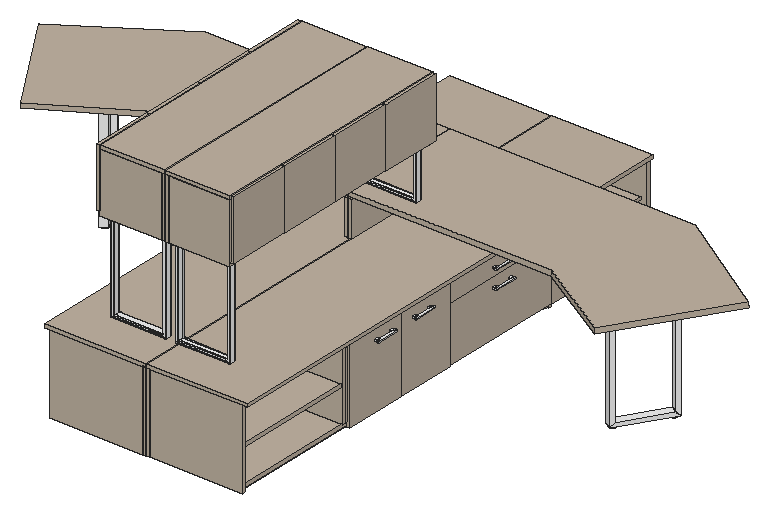
Revit family "VL003family", category Furniture, Revit 2015
Parameters
  Series = "Vision Laminate"
  Manufacturer = "JSI"
  Description = "VL003"
Reference planes (in)
  plane 1 "Center Front/Back": y = 0
  plane 2: z = 0
  plane 3 "Center Left/Right": x = 0
Dimensions and locks (in)
  aligned and locked: level to plane 2
Nested families (in)
  nested 1: "JSI-Vision-Modular_Boomerang_Desk_Top-Left" at (0, 59.8124352, -1.1803401), type "VL3084MBMTL, Laminate Mod Bmrng Top 84"W x 30"D - Left"
    with Wing 1' - 4", Front 1' - 0", Depth 2' - 6"
  nested 2: "JSI-Vision-Modular_Boomerang_Desk_Top-Right" at (0, 59.8124352, -1.1803401), type "VL3084MBMTR, Laminate Mod Bmrng Top 84"W x 30"D - Right"
    with Wing 1' - 4", Front 1' - 0", Depth 2' - 6"
  nested 3: "JSI-Vision_Bench_Height_T_Sup" at (-10.75, 23.3733007, 20.0349438) x (0, -1, 0) z (0, 0, 1), type "VLB1030TSP, Laminate 30  Bench Height T Supports"
    with Width 2' - 5 5/8"
  nested 4: "JSI-Vision_Bench_Height_T_Sup" at (10.75, 65.8765696, 20.0349438) x (0, 1, 0) z (0, 0, 1), type "VLB1030TSP, Laminate 30  Bench Height T Supports"
    with Width 2' - 5 5/8"
  nested 5: "JSI-Vision-U_Base_for_Peninsula_Tops" at (-63.4583164, 38.14211, -0.1516883) x (0.8482, 0.5297, 0) z (0, 0, 1), type "18US, Stardust Silver U Base for Peninsula Tops, use with 30” deep tops"
  nested 6: "JSI-Vision-U_Base_for_Peninsula_Tops" at (63.3375833, 38.0750566, -0.2004938) x (0.848, -0.5299, 0) z (0, 0, 1), type "18US, Stardust Silver U Base for Peninsula Tops, use with 30” deep tops"
  nested 7: "JSI-Vision-Sld_Door_Bench_Ped" at (0, 60, 0) x (0, 1, 0) z (0, 0, 1), type "VLB2430SD, Laminate Sld Door Bench H Ped"
  nested 8: "JSI-Vision-Sld_Door_Bench_Ped" at (0, 89.8124352, 0) x (0, -1, 0) z (0, 0, 1), type "VLB2430SD, Laminate Sld Door Bench H Ped"
  nested 9: "JSI-Vision-90_Bench_Configuration" at (0, 60, 0) x (0, -1, 0) z (0, 0, 1), type "VLB-30BF30HD30OS, Laminate 90"W Mod Bnch BF/HD/OS"
  nested 10: "JSI-Vision-90_Bench_Configuration" at (0, -30, 0) x (0, 1, 0) z (0, 0, 1), type "VLB-30OS30HD30BF, Laminate 90"W Mod Bnch OS/HD/BF"
  nested 11: "JSI-Vision-OH_Cab-Split_H_Post" at (-1.3957732, 37.3029669, -10.03952) x (0, -1, 0) z (0, 0, 1), type "VL1660PSHD-2737, Laminate Split Height Post Support Overhead Cab. 16" x 60", 4 Doors"
    with Width 5' - 0", Verticall Partition Distance 2' - 6", Unit Centre 2' - 6", Door Width 1' - 2 13/16", Door Array Spacing 1' - 2 15/16"
  nested 12: "JSI-Vision-OH_Cab-Split_H_Post" at (-1.3957732, 37.3029669, -10.03952) x (0, -1, 0) z (0, 0, 1), type "VL1660PSHD-2737, Laminate Split Height Post Support Overhead Cab. 16" x 60", 4 Doors"
    with Width 5' - 0", Verticall Partition Distance 2' - 6", Unit Centre 2' - 6", Door Width 1' - 2 13/16", Door Array Spacing 1' - 2 15/16"
Definition of nested family "JSI-Vision-Modular_Boomerang_Desk_Top-Left"
  Parameters (values of type "Boomerang Top Left - Type Catalog Family")
    Worksurface = none
    Wing = if(Depth > 2' 0", Width - 5' 8", Width - 5' 11")  # 1' - 1"
    Width = 7' - 0"
    URL = "www.jsifurniture.com"
    Type Comments = ""
    Series = "VISION CASEGOODS"  # constant formula
    Model = "VL2484MBMTL"
    Material = ""
    Manufacturer = "JSI"  # constant formula
    Keynote = "12500"
    JSI Enviromental Website = "http://www.jsifurniture.com/jsi_sustainability_intro.php"
    Height = 2' - 6"
    Front = if(Depth > 2' 0", Wing - 0' 4", Wing)  # 1' - 1"
    Description = "Laminate Modular Boomerang Top 84\"W x 24\"D - Left"
    Depth = 2' - 0"
    Assembly Code = "E2020200"
  Reference planes (in)
    plane 1 "Center Front/Back": y = 0
    plane 2: z = 0
    plane 3 "Center Left/Right": x = 0
    plane 4: z = 0
    plane 5: x = 84
    plane 6: y = -24
    plane 7: z = 31.1875
    plane 8: z = 30
    plane 9: y = -37
    plane 10: y = -16.608
    plane 11: x = 71
    plane 12: x = 51
    plane 13: x = 58
  Forms (in)
    Extrusion 1, solid, material <- "Worksurface"
      sketch origin (0, 0, 0) x (1, 0, 0) y (0, 1, 0)
        loop
          line (0, 0) -> (0, -24) -> (51, -24) -> (71, -37) -> (84, -16.608) -> (58, 0) -> (0, 0)
      from 30 to 31.1875
  Lines and regions (in)
    symbolic lines
      curve 1: line (0, 0, 0) -> (0, -24, 0)
      curve 2: line (0, -24, 0) -> (51, -24, 0)
      curve 3: line (51, -24, 0) -> (71, -37, 0)
      curve 4: line (71, -37, 0) -> (84, -16.608, 0)
      curve 5: line (84, -16.608, 0) -> (58, 0, 0)
      curve 6: line (58, 0, 0) -> (0, 0, 0)
  Dimensions and locks (in)
    "Depth": plane 6 to plane 1 "Center Front/Back"
    "Width": plane 5 to plane 3 "Center Left/Right"
    locked: plane 7 to plane 8 at 1.1875
    "Height": plane 8 to level
    "Wing": plane 11 to plane 5
    "Front": plane 6 to plane 9
    locked: plane 12 to plane 11 at 20
    aligned and locked: level to plane 2
    aligned and locked: Extrusion 1 sketch curve to plane 6
    aligned and locked: Extrusion 1 sketch curve to plane 3 "Center Left/Right"
    aligned and locked: Extrusion 1 sketch curve to plane 1 "Center Front/Back"
    aligned and locked: plane 13 to Extrusion 1 sketch curve
    aligned and locked: plane 5 to Extrusion 1 sketch curve
    aligned and locked: plane 10 to Extrusion 1 sketch curve
    aligned and locked: plane 11 to Extrusion 1 sketch curve
    aligned and locked: plane 9 to Extrusion 1 sketch curve
    aligned and locked: Extrusion 1 to plane 7
    aligned and locked: Extrusion 1 to plane 8
  Automatic sketch dimensions
    Extrusion 1 sketch curve to plane 12 = 0' - 0"
    Extrusion 1 sketch curve to plane 13 = 0' - 0"
    plane 1 "Center Front/Back" to curve 1 = 0' - 0"
    curve 1 to plane 3 "Center Left/Right" = 0' - 0"
    curve 2 to plane 6 = 0' - 0"
    curve 2 to plane 12 = 0' - 0"
    curve 6 to plane 13 = 0' - 0"
    curve 4 to plane 9 = 0' - 0"
    curve 4 to plane 11 = 0' - 0"
    curve 5 to plane 5 = 0' - 0"
    plane 10 to curve 4 = 0' - 0"
Definition of nested family "JSI-Vision-Modular_Boomerang_Desk_Top-Right"
  Parameters (values of type "Boomerang Top Right - Type Catalog Family")
    Worksurface = none
    Wing = if(Depth > 2' 0", Width - 5' 8", Width - 5' 11")  # 1' - 1"
    Width = 7' - 0"
    URL = "www.jsifurniture.com"
    Type Comments = ""
    Series = "VISION CASEGOODS"  # constant formula
    Model = "VL2484MBMTR"
    Material = ""
    Manufacturer = "JSI"  # constant formula
    Keynote = "12500"
    JSI Enviromental Website = "http://www.jsifurniture.com/jsi_sustainability_intro.php"
    Height = 2' - 6"
    Front = if(Depth > 2' 0", Wing - 0' 4", Wing)  # 1' - 1"
    Description = "Laminate Modular Boomerang Top 84\"W x 24\"D - Right"
    Depth = 2' - 0"
    Assembly Code = "E2020200"
  Reference planes (in)
    plane 1 "Center Front/Back": y = 0
    plane 2: z = 0
    plane 3 "Center Left/Right": x = 0
    plane 4: z = 0
    plane 5: y = -24
    plane 6: z = 31.1875
    plane 7: z = 30
    plane 8: y = -37
    plane 9: y = -16.608
    plane 10: x = -84
    plane 11: x = -71
    plane 12: x = -51
    plane 13: x = -58
  Forms (in)
    Extrusion 1, solid, material <- "Worksurface"
      sketch origin (0, 0, 0) x (-1, 0, 0) y (0, -1, 0)
        loop
          line (0, 0) -> (58, 0) -> (84, 16.608) -> (71, 37) -> (51, 24) -> (0, 24) -> (0, 0)
      from 30 to 31.1875
  Lines and regions (in)
    symbolic lines
      curve 1: line (0, 0, 0) -> (0, -24, 0)
      curve 2: line (0, -24, 0) -> (-51, -24, 0)
      curve 3: line (-51, -24, 0) -> (-71, -37, 0)
      curve 4: line (-71, -37, 0) -> (-84, -16.608, 0)
      curve 5: line (-84, -16.608, 0) -> (-58, 0, 0)
      curve 6: line (-58, 0, 0) -> (0, 0, 0)
  Dimensions and locks (in)
    "Depth": plane 5 to plane 1 "Center Front/Back"
    locked: plane 6 to plane 7 at 1.1875
    "Height": plane 7 to level
    "Front": plane 5 to plane 8
    "Wing": plane 11 to plane 10
    locked: plane 12 to plane 11 at 20
    "Width": plane 10 to plane 3 "Center Left/Right"
    aligned and locked: level to plane 2
    aligned and locked: plane 13 to Extrusion 1 sketch curve
    aligned and locked: plane 10 to Extrusion 1 sketch curve
    aligned and locked: plane 11 to Extrusion 1 sketch curve
  Automatic sketch dimensions
    plane 9 to curve 5 = 0' - 0"
    curve 5 to plane 10 = 0' - 0"
    curve 4 to plane 8 = 0' - 0"
    curve 4 to plane 11 = 0' - 0"
    plane 1 "Center Front/Back" to curve 6 = 0' - 0"
    curve 6 to plane 13 = 0' - 0"
    curve 2 to plane 5 = 0' - 0"
    curve 2 to plane 12 = 0' - 0"
    curve 1 to plane 3 "Center Left/Right" = 0' - 0"
    Extrusion 1 sketch curve to plane 3 "Center Left/Right" = 0' - 0"
    Extrusion 1 sketch curve to plane 5 = 0' - 0"
    Extrusion 1 sketch curve to plane 12 = 0' - 0"
    plane 1 "Center Front/Back" to Extrusion 1 sketch curve = 0' - 0"
    Extrusion 1 sketch curve to plane 13 = 0' - 0"
    plane 9 to Extrusion 1 sketch curve = 0' - 0"
    Extrusion 1 sketch curve to plane 8 = 0' - 0"
Definition of nested family "JSI-Vision_Bench_Height_T_Sup"
  Parameters (values of type "Bench Height T Support - Type Catalog Family")
    Chassis = none
    Width = 1' - 11 5/8"
    URL = "www.jsifurniture.com"
    Type Comments = ""
    Series = "VISION CASEGOODS"  # constant formula
    Model = "VLB1024TSP"
    Material = ""
    Manufacturer = "JSI"  # constant formula
    Keynote = "12500"
    JSI Enviromental Website = "http://www.jsifurniture.com/jsi_sustainability_intro.php"
    Height = 0' - 8 5/16"
    Grommet Finish = none
    Description = "Bench Height \"T\" Supports, Depth 9 3/4\"”, Width 23 5/8\"”,Height 8 5/16\"”, Laminate Worksurface"
    Depth = 0' - 9 3/4"
    Assembly Code = "E2020200"
  Reference planes (in)
    plane 1: z = 0
    plane 2 "Center (Left/Right)": x = -36.0641344
    plane 3: z = 8.3125
    plane 4: y = 1
    plane 5 "Center (Front/Back)": y = 10.75
    plane 6: x = -24.2516344
    plane 7: x = -12.4391344
    plane 8: z = 6.9211195
    plane 9: y = 10
    plane 10: y = 8
    plane 11: z = 6.875
    plane 12: x = -23.8766344
    plane 13: x = -24.6266344
  Forms (in)
    Extrusion 1, solid, material <- "Chassis"
      sketch origin (0, 10.75, 0) x (1, 0, 0) y (0, 0, 1)
        loop
          line (-36.0641344, 8.3125) -> (-36.0641344, 0) -> (-12.4391344, 0) -> (-12.4391344, 8.3125) -> (-22.2719669, 8.3125) -> (-22.2719669, 7.1711195)
          arc (-22.2719669, 7.1711195) -> (-22.3451902, 6.9943428) -> (-22.5219669, 6.9211195) r 0.25
          line (-22.5219669, 6.9211195) -> (-25.981302, 6.9211195)
          arc (-25.981302, 6.9211195) -> (-26.1580787, 6.9943428) -> (-26.231302, 7.1711195) r 0.25
          line (-26.231302, 7.1711195) -> (-26.231302, 8.3125) -> (-36.0641344, 8.3125)
      from 0 to 0.75
    Extrusion 2, solid, material <- "Chassis"
      sketch origin (-36.0641344, 0, 0) x (0, 1, 0) y (0, 0, 1)
        loop
          line (10, 6.875) -> (8.25, 6.875)
          arc (8.25, 6.875) -> (8.0732233, 6.9482233) -> (8, 7.125) r 0.25
          line (8, 7.125) -> (8, 8.3125) -> (1, 8.3125) -> (1, 0) -> (10, 0) -> (10, 6.875)
      from 11.4375 to 12.1875
  Lines and regions (in)
    symbolic lines
      curve 1: line (-12.4391344, 10.75, 0) -> (-36.0641344, 10.75, 0)
      curve 2: line (-36.0641344, 10.75, 0) -> (-36.0641344, 10, 0)
      curve 3: line (-36.0641344, 10, 0) -> (-12.4391344, 10, 0)
      curve 4: line (-12.4391344, 10, 0) -> (-12.4391344, 10.75, 0)
      curve 5: line (-24.6266344, 10, 0) -> (-24.6266344, 1, 0)
      curve 6: line (-23.8766344, 1, 0) -> (-23.8766344, 10, 0)
      curve 7: line (-24.6266344, 1, 0) -> (-23.8766344, 1, 0)
  Dimensions and locks (in)
    "Height": plane 3 to level
    "Depth": plane 5 "Center (Front/Back)" to plane 4
    equal spacing: plane 2 "Center (Left/Right)", plane 6, plane 7
    "Width": plane 2 "Center (Left/Right)" to plane 7
    locked: plane 3 to plane 8 at 1.3913805
    locked: plane 5 "Center (Front/Back)" to plane 9 at 0.75
    locked: plane 3 to plane 11 at 1.4375
    locked: plane 5 "Center (Front/Back)" to plane 10 at 2.75
    plane 12 to plane 6 to plane 13 = 0' - 0 3/8" locked, 0' - 0 3/8" locked
    Extrusion 1 sketch curve to plane 6 to Extrusion 1 sketch curve = 0' - 1.97967" locked, 0' - 1.97967" locked
    locked: nested 1 to plane 6 at 1.8900002
    aligned and locked: level to plane 1
    aligned and locked: plane 8 to Extrusion 1 sketch curve
    aligned and locked: plane 3 to Extrusion 1 sketch curve
    aligned and locked: Extrusion 1 sketch curve to plane 3
    aligned and locked: Extrusion 1 sketch curve to plane 2 "Center (Left/Right)"
    aligned and locked: Extrusion 1 sketch curve to plane 7
    aligned and locked: Extrusion 1 sketch curve to level
    aligned and locked: Extrusion 1 to plane 9
    aligned and locked: Extrusion 1 to plane 5 "Center (Front/Back)"
    aligned and locked: Extrusion 2 sketch curve to plane 9
    aligned and locked: Extrusion 2 sketch curve to plane 3
    aligned and locked: plane 4 to Extrusion 2 sketch curve
    aligned and locked: level to Extrusion 2 sketch curve
    aligned and locked: Extrusion 2 sketch curve to plane 10
    aligned and locked: Extrusion 2 sketch curve to plane 11
    aligned and locked: plane 12 to Extrusion 2
    aligned and locked: Extrusion 2 to plane 13
    aligned and locked: curve 1 to Extrusion 1
    aligned and locked: curve 2 to Extrusion 1
    aligned and locked: curve 3 to Extrusion 1
    aligned and locked: curve 4 to Extrusion 1
    aligned and locked: curve 5 to Extrusion 2
    aligned and locked: curve 6 to Extrusion 2
    aligned and locked: curve 7 to Extrusion 2
    aligned and locked: plane 3 to nested 1
  Automatic sketch dimensions
    Extrusion 2 sketch curve to Extrusion 2 sketch curve = 0' - 0 1/4"
    Extrusion 1 sketch curve to Extrusion 1 sketch curve = 0' - 0 1/4"  (x2)
    curve 1 to plane 2 "Center (Left/Right)" = 0' - 0"
    plane 5 "Center (Front/Back)" to curve 1 = 0' - 0"
    curve 1 to plane 7 = 0' - 0"
    curve 2 to plane 9 = 0' - 0"
    curve 5 to plane 13 = 0' - 0"
    curve 6 to plane 4 = 0' - 0"
    curve 6 to plane 12 = 0' - 0"
  Nested families (in)
    nested 1: "Side Grommet" at (-24.2516344, 10.7500008, 6.9036998) x (0, -1, 0) z (0, 0, 1), Gromett Finish <- "Grommet Finish", type "Side Grommet"
      with Gromett Finish none
  Definition of nested family "Side Grommet"
    Parameters
      Gromett Finish [instance] = none
    Reference planes (in)
      plane 1 "Center Front/Back": y = 0
      plane 2: z = 0
      plane 3 "Center Left/Right": x = 0
      plane 4: x = -0.0499992
      plane 5: x = 0.8125
    Forms (in)
      Sweep 1, solid, material <- "Gromett Finish"
        path origin (0, 0, 0) x (0, 1, 0) y (0, 0, 1)
          loop
            line (2.0937501, 1.4088002) -> (2.0937501, 0.2762508)
            arc (2.0937501, 0.2762508) -> (1.9853793, 0.0146207) -> (1.7237492, -0.09375) r 0.3700008
            line (1.7237492, -0.09375) -> (-1.7237501, -0.09375)
            arc (-1.7237501, -0.09375) -> (-1.9853796, 0.0146205) -> (-2.0937501, 0.27625) r 0.37
            line (-2.0937501, 0.27625) -> (-2.0937501, 1.4088002)
        profile origin (0, 2.0937501, 0.8425255) x (1, 0, 0) y (0, 1, 0)
          loop
            arc (0, 0) -> (-0.0352472, -0.0135301) -> (-0.0499992, -0.0482837) r 0.0483131
            line (-0.0499992, -0.0482837) -> (-0.0499992, -0.2037499) -> (0, -0.2037499) -> (0, 0)
      Extrusion 2, solid, material <- "Gromett Finish"
        sketch origin (0, 0, 0) x (0, 1, 0) y (0, 0, 1)
          loop
            line (1.8743999, 1.2994499) -> (-1.87435, 1.2994499) -> (-1.87435, 0.3095608)
            arc (-1.87435, 0.3095608) -> (-1.8194325, 0.1769783) -> (-1.68685, 0.1220608) r 0.1875
            line (-1.68685, 0.1220608) -> (-1.37435, 0.1220608) -> (-1.37435, 0.8720055)
            arc (-1.37435, 0.8720055) -> (-1.3377384, 0.9603938) -> (-1.2493501, 0.9970054) r 0.125
            line (-1.2493501, 0.9970054) -> (1.2493999, 0.9970054)
            arc (1.2493999, 0.9970054) -> (1.3377883, 0.9603938) -> (1.3743999, 0.8720054) r 0.1250001
            line (1.3743999, 0.8720054) -> (1.3743999, 0.1220608) -> (1.6868999, 0.1220608)
            arc (1.6868999, 0.1220608) -> (1.8194824, 0.1769783) -> (1.8743999, 0.3095608) r 0.1875
            line (1.8743999, 0.3095608) -> (1.8743999, 1.2994499)
          loop
            line (1.3504, 0.1220608) -> (1.3504, 0.8720608)
            arc (1.3504, 0.8720608) -> (1.3208178, 0.9434785) -> (1.2494001, 0.9730606) r 0.1009998
            line (1.2494001, 0.9730606) -> (-1.2493501, 0.9730606)
            arc (-1.2493501, 0.9730606) -> (-1.3207677, 0.9434785) -> (-1.3503499, 0.8720608) r 0.1009998
            line (-1.3503499, 0.8720608) -> (-1.3503499, 0.1220608) -> (-0.2499752, 0.1220608) -> (-0.2499752, 0.3720608)
            arc (-0.2499752, 0.3720608) -> (0.0000249, 0.6220609) -> (0.250025, 0.3720608) r 0.2500001
            line (0.250025, 0.3720608) -> (0.250025, 0.1220608) -> (1.3504, 0.1220608)
        from -0.0499992 to 0
      Extrusion 3, solid, material <- "Gromett Finish"
        sketch origin (0, 0, 0) x (0, 1, 0) y (0, 0, 1)
          loop
            line (-1.8900002, 1.4088002) -> (-1.8900002, 1.3150502) -> (1.8900002, 1.3150502) -> (1.8900002, 1.4088002) -> (-1.8900002, 1.4088002)
        from -0.0499992 to 0.8125
    Dimensions and locks (in)
      aligned and locked: level to plane 2
      aligned and locked: plane 4 to Sweep 1
      aligned and locked: plane 4 to Extrusion 2
      aligned and locked: plane 3 "Center Left/Right" to Extrusion 2
      aligned and locked: Sweep 1 to Extrusion 3 sketch curve
      aligned and locked: Extrusion 3 sketch curve to Sweep 1
      aligned and locked: plane 4 to Extrusion 3
      aligned and locked: Extrusion 3 to plane 5
Definition of nested family "JSI-Vision-U_Base_for_Peninsula_Tops"
  Parameters (values of type "U Base for Peninsula Tops - Type Catalog Family")
    Width = 0' - 0"
    URL = "www.jsifurniture.com"
    Type Comments = ""
    Series = "VISION CASEGOODS"  # constant formula
    Model = "18US"
    Material = ""
    Manufacturer = "JSI"  # constant formula
    Keynote = "12500"
    JSI Enviromental Website = "http://www.jsifurniture.com/jsi_sustainability_intro.php"
    Height = 2' - 6"
    Glides = none
    Base Finish = none
    Description = "U Base for Peninsula Tops, use with 30” deep tops, 18US - Stardust Silver"
    Depth-Base = 1' - 6"
    Depth = 0' - 0"
    Assembly Code = "E2020200"
  Reference planes (in)
    plane 1 "Center Front/Back": y = 0
    plane 2: z = 0
    plane 3 "Center Left/Right": x = 0
    plane 4: z = 0
    plane 5: z = 30
    plane 6: x = -2.5
    plane 7: x = 2.5
    plane 8: y = 9
    plane 9: y = -9
  Forms (in)
    Extrusion 1, solid, material <- "Base Finish"
      sketch origin (0, 0, 0) x (1, 0, 0) y (0, 1, 0)
        loop
          line (-2.5, 9) -> (-2.5, -9) -> (2.5, -9) -> (2.5, 9) -> (-2.5, 9)
      from 28.5788029 to 28.8125
    Extrusion 2, solid, material <- "Base Finish"
      sketch origin (0, 0, -0.285264) x (0, 1, 0) y (0, 0, 1)
        loop
          line (-7, 28.8640668) -> (-7, 0.5463125) -> (-6, 1.5463125) -> (-6, 28.8640668) -> (-7, 28.8640668)
        loop
          line (7, 28.8640668) -> (6, 28.8640668) -> (6, 1.5463125) -> (7, 0.5463125) -> (7, 28.8640668)
        loop
          line (-7, 0.535264) -> (7, 0.535264) -> (6, 1.535264) -> (-6, 1.535264) -> (-7, 0.535264)
      from -1 to 1
    Extrusion 3, solid, material <- "Glides", detail levels medium+fine
      sketch origin (0, 0, 0) x (1, 0, 0) y (0, 1, 0)
        loop
          circle (0, 6) r 0.75
      from 0 to 0.25
    Extrusion 4, solid, material <- "Glides", detail levels medium+fine
      sketch origin (0, 0, 0) x (1, 0, 0) y (0, 1, 0)
        loop
          circle (0, -6) r 0.75
      from 0 to 0.25
  Lines and regions (in)
    symbolic lines
      curve 1: line (-2.5, 9, 0) -> (2.5, 9, 0)
      curve 2: line (-2.5, -9, 0) -> (-2.5, 9, 0)
      curve 3: line (2.5, -9, 0) -> (-2.5, -9, 0)
      curve 4: line (2.5, 9, 0) -> (2.5, -9, 0)
      curve 5: line (-1, 7, 0) -> (1, 7, 0)
      curve 6: line (-1, -7, 0) -> (-1, 7, 0)
      curve 7: line (1, -7, 0) -> (-1, -7, 0)
      curve 8: line (1, 7, 0) -> (1, -7, 0)
  Dimensions and locks (in)
    "Height": plane 5 to plane 4
    "Depth-Base": plane 9 to plane 8
    equal spacing: plane 9, plane 1 "Center Front/Back", plane 8
    equal spacing: Extrusion 2, plane 3 "Center Left/Right", Extrusion 2
    Extrusion 2 to Extrusion 2 = 0' - 2"
    locked: plane 8 to Extrusion 2 at 2
    locked: plane 9 to Extrusion 2 at 2
    locked: Extrusion 2 to Extrusion 2 at 1  (x2)
    level to Extrusion 2 = 0' - 0 1/4"
    aligned and locked: level to plane 2
    aligned and locked: plane 8 to Extrusion 1
    aligned and locked: plane 9 to Extrusion 1
    aligned and locked: plane 6 to Extrusion 1  (x2)
    aligned and locked: plane 7 to Extrusion 1  (x2)
    aligned and locked: Extrusion 4 to Extrusion 2
    aligned and locked: Extrusion 3 to Extrusion 2
    aligned and locked: Extrusion 3 to level
    aligned and locked: Extrusion 4 to level
    aligned and locked: Extrusion 2 to Extrusion 1  (x2)
    aligned and locked: curve 1 to Extrusion 1
    aligned and locked: curve 2 to Extrusion 1
    aligned and locked: curve 3 to Extrusion 1
    aligned and locked: curve 4 to Extrusion 1
    aligned and locked: curve 5 to Extrusion 2
    aligned and locked: curve 6 to Extrusion 2
    aligned and locked: curve 7 to Extrusion 2
    aligned and locked: curve 8 to Extrusion 2
  Automatic sketch dimensions
    Extrusion 1 sketch curve to plane 6 = 0' - 0"
    Extrusion 1 sketch curve to plane 7 = 0' - 0"
    plane 9 to Extrusion 1 sketch curve = 0' - 0"
    Extrusion 1 sketch curve to plane 8 = 0' - 0"
    Extrusion 2 sketch curve to Extrusion 2 sketch curve = 0' - 0"  (x4)
    level to Extrusion 2 sketch curve = 0' - 0 1/4"
    Extrusion 2 sketch curve to Extrusion 2 sketch curve = 0' - 0.01105"  (x4)
    Extrusion 2 sketch curve to Extrusion 2 sketch curve = 0' - 0.98895"
    Extrusion 2 sketch curve to plane 5 = 0' - 1.4212"  (x2)
    Extrusion 3 sketch curve to plane 3 "Center Left/Right" = 0' - 0"
    Extrusion 4 sketch curve to plane 3 "Center Left/Right" = 0' - 0"
    Extrusion 2 sketch curve to plane 9 = 0' - 3"
    Extrusion 2 sketch curve to Extrusion 2 sketch curve = 0' - 1"  (x2)
    plane 9 to Extrusion 4 sketch curve = 0' - 3"
    Extrusion 2 sketch curve to plane 8 = 0' - 3"
    Extrusion 3 sketch curve to plane 8 = 0' - 3"
    curve 3 to plane 6 = 0' - 0"
    radius of Extrusion 3 sketch curve = 0' - 0 3/4"
    radius of Extrusion 4 sketch curve = 0' - 0 3/4"
Definition of nested family "JSI-Vision-Sld_Door_Bench_Ped"
  Parameters (values of type "VLB2430SD, Laminate Sld Door Bench H Ped")
    Width = 2' - 6"
    URL = "www.jsifurniture.com"
    Top = none
    Tag = "SD"
    Series = "VISION CASEGOODS"  # constant formula
    Model = "VLB2430SD"
    Manufacturer = "JSI"  # constant formula
    Keynote = "12500"
    JSI Enviromental Website = "http://www.jsifurniture.com/jsi_sustainability_intro.php"
    Height = 1' - 7 1/2"
    Door Front = none
    Description = "Laminate Sliding Door Bench Height Pedestal 24\" x 30\""
    Depth = 2' - 0"
    Chassis = none
    Assembly Code = "E2020200"
  Reference planes (in)
    plane 1 "Center Front/Back": y = 0
    plane 2: z = 0
    plane 3 "Center Left/Right": x = 0
    plane 4: x = 30
    plane 5: x = 0.1871643
    plane 6: x = 29.8124352
    plane 7: z = 10.332185
    plane 8: z = 19.5
    plane 9: x = 0.75
    plane 10: x = 29.125999
    plane 11: y = -0.8125
    plane 12: y = -23.25
    plane 13: x = 15
    plane 14: z = 18.75
    plane 15: z = 18.6409016
    plane 16: z = 9.582185
    plane 17: z = 1.9374999
    plane 18: z = 1.1874999
    plane 19: y = -23
    plane 20: y = -24
    plane 21: x = 14.625
    plane 22: x = 15.375
    plane 23: y = -22.125
    plane 24: y = -21.1875
    plane 25: y = -21.9375
    plane 26: z = 1
  Forms (in)
    Extrusion 1, solid, material <- "Chassis"
      sketch origin (0, 0, 0) x (1, 0, 0) y (0, 1, 0)
        loop
          line (0, 0) -> (0, -0.8125) -> (30, -0.8125) -> (30, 0) -> (0, 0)
      from 0 to 18.75
    Extrusion 2, solid, material <- "Chassis"
      sketch origin (0.125, -0.1875, 48) x (0, 1, 0) y (0, 0, 1)
        loop
          line (-0.625, -29.25) -> (-23.0625, -29.25) -> (-23.0625, -48) -> (-0.625, -48) -> (-0.625, -29.25)
      from -0.125 to 0.625
    Extrusion 3, solid, material <- "Chassis"
      sketch origin (29.875, -0.1875, 48) x (0, 1, 0) y (0, 0, 1)
        loop
          line (-0.625, -29.25) -> (-23.0625, -29.25) -> (-23.0625, -48) -> (-0.625, -48) -> (-0.625, -29.25)
      from -0.749001 to 0.125
    Extrusion 4, solid, material <- "Chassis"
      sketch origin (0, 0, 0) x (1, 0, 0) y (0, 1, 0)
        loop
          line (0.75, -21.1875) -> (0.75, -21.9375) -> (29.125999, -21.9375) -> (29.125999, -21.1875) -> (0.75, -21.1875)
      from 0 to 1.1874999
    Extrusion 5, solid, material <- "Top"
      sketch origin (0, 0, 0) x (0, 1, 0) y (0, 0, 1)
        loop
          line (0, 18.75) -> (0, 19.5) -> (-24, 19.5) -> (-24, 18.75) -> (0, 18.75)
      from 0 to 30
    Extrusion 6, solid, material <- "Chassis"
      sketch origin (0, 0, 0) x (0, 1, 0) y (0, 0, 1)
        loop
          line (-0.8125, 18.1697085) -> (-0.8125, 18.75) -> (-23.25, 18.75) -> (-23.25, 18.1697085) -> (-0.8125, 18.1697085)
        loop
          line (-0.8125, 1.1874999) -> (-0.8125, 1.9374999) -> (-23, 1.9374999) -> (-23, 1.1874999) -> (-0.8125, 1.1874999)
      from 0.75 to 29.125999
    Extrusion 7, solid, material <- "Door Front"
      sketch origin (0, 0, 0) x (0, 1, 0) y (0, 0, 1)
        loop
          line (-23.25, 1) -> (-23.25, 18.6409016) -> (-24, 18.6409016) -> (-24, 1) -> (-23.25, 1)
      from 0.1871643 to 15.375
    Extrusion 8, solid, material <- "Chassis"
      sketch origin (0, 0, 0) x (0, 1, 0) y (0, 0, 1)
        loop
          line (-0.8125, 9.582185) -> (-0.8125, 10.332185) -> (-21.75, 10.332185) -> (-21.75, 9.582185) -> (-0.8125, 9.582185)
      from 0.75 to 14.625
    Extrusion 9, solid, material <- "Chassis"
      sketch origin (0, 0, 0) x (0, 1, 0) y (0, 0, 1)
        loop
          line (-0.8125, 18.1697085) -> (-22.125, 18.1697085) -> (-22.125, 1.9374999) -> (-0.8125, 1.9374999) -> (-0.8125, 18.1697085)
      from 14.625 to 15.375
    Extrusion 10, solid, material <- "Chassis"
      sketch origin (30, 0, 0) x (0, 1, 0) y (0, 0, -1)
        loop
          line (-0.8125, -9.582185) -> (-21.75, -9.582185) -> (-21.75, -10.332185) -> (-0.8125, -10.332185) -> (-0.8125, -9.582185)
      from 0.874001 to 14.625
  Lines and regions (in)
    symbolic lines
      curve 1: line (0, 0, 0) -> (30, 0, 0)
      curve 2: line (0, -23.875, 0) -> (0, 0, 0)
      curve 3: line (30, -23.875, 0) -> (0, -23.875, 0)
      curve 4: line (30, 0, 0) -> (30, -23.875, 0)
  Dimensions and locks (in)
    "Height": plane 8 to level
    plane 15 to plane 14 to plane 8 = 0' - 0.1091" locked, 0' - 0 3/4" locked
    plane 10 to plane 6 to plane 4 = 0' - 0.68644" locked, 0' - 0.18756" locked
    plane 3 "Center Left/Right" to plane 5 to plane 9 = 0' - 0.18716" locked, 0' - 0.56284" locked
    "Width": plane 3 "Center Left/Right" to plane 4
    equal spacing: plane 3 "Center Left/Right", plane 13, plane 4
    locked: plane 1 "Center Front/Back" to plane 11 at 0.8125
    plane 17 to plane 18 to level = 0' - 0 3/4" locked, 0' - 1 3/16" locked
    "Depth": plane 1 "Center Front/Back" to plane 20
    locked: plane 26 to level at 1
    locked: Extrusion 8 sketch curve to plane 23 at 0.375
    plane 21 to plane 13 to plane 22 = 0' - 0 3/8" locked, 0' - 0 3/8" locked
    plane 24 to plane 25 to plane 23 to plane 19 to plane 12 to plane 20 = 0' - 0 3/4" locked, 0' - 0 3/16" locked, 0' - 0 7/8" locked, 0' - 0 1/4" locked, 0' - 0 3/4" locked
    aligned and locked: level to plane 2
    aligned and locked: plane 11 to Extrusion 1 sketch curve
    aligned and locked: plane 11 to Extrusion 2 sketch curve
    aligned and locked: Extrusion 2 sketch curve to level
    aligned and locked: Extrusion 3 sketch curve to plane 11
    aligned and locked: level to Extrusion 3 sketch curve
    aligned and locked: plane 9 to Extrusion 4 sketch curve
    aligned and locked: nested 1 to plane 13
    aligned and locked: plane 14 to Extrusion 1
    aligned and locked: Extrusion 1 to plane 1 "Center Front/Back"
    aligned and locked: plane 3 "Center Left/Right" to curve 2
    aligned and locked: Extrusion 1 to plane 3 "Center Left/Right"
    aligned and locked: plane 1 "Center Front/Back" to curve 1
    aligned and locked: plane 4 to Extrusion 1
    aligned and locked: curve 4 to plane 4
    aligned and locked: Extrusion 5 sketch curve to plane 1 "Center Front/Back"
    aligned and locked: plane 8 to Extrusion 5 sketch curve
    aligned and locked: Extrusion 5 sketch curve to plane 14
    aligned and locked: Extrusion 2 to plane 12
    aligned and locked: Extrusion 3 to plane 12
    aligned and locked: plane 11 to Extrusion 6 sketch curve  (x2)
    aligned and locked: plane 14 to Extrusion 6 sketch curve
    aligned and locked: Extrusion 6 sketch curve to plane 12
    aligned and locked: plane 17 to Extrusion 6 sketch curve
    aligned and locked: Extrusion 6 sketch curve to plane 18
    aligned and locked: Extrusion 3 to plane 10
    aligned and locked: plane 4 to Extrusion 3
    aligned and locked: nested 1 to plane 20
    aligned and locked: plane 4 to Extrusion 5
    aligned and locked: plane 18 to Extrusion 4
    aligned and locked: plane 24 to Extrusion 4
    aligned and locked: Extrusion 4 to plane 25
    aligned and locked: Extrusion 5 to plane 20
    aligned and locked: Extrusion 7 sketch curve to plane 15
    aligned and locked: plane 12 to Extrusion 7 sketch curve
    aligned and locked: Extrusion 7 sketch curve to plane 20
    aligned and locked: plane 26 to Extrusion 7 sketch curve
    aligned and locked: plane 22 to Extrusion 7
    aligned and locked: plane 5 to Extrusion 7
    aligned and locked: Extrusion 6 to plane 19
    aligned and locked: plane 11 to Extrusion 8 sketch curve
    aligned and locked: plane 7 to Extrusion 8 sketch curve
    aligned and locked: Extrusion 8 sketch curve to plane 16
    aligned and locked: Extrusion 8 to plane 9
    aligned and locked: Extrusion 8 to plane 21
    aligned and locked: Extrusion 6 to Extrusion 9 sketch curve
    aligned and locked: plane 17 to Extrusion 9 sketch curve
    aligned and locked: plane 23 to Extrusion 9 sketch curve
    aligned and locked: Extrusion 9 sketch curve to plane 11
    aligned and locked: plane 21 to Extrusion 9
    aligned and locked: plane 22 to Extrusion 9
    aligned and locked: Extrusion 10 to plane 22
    aligned and locked: plane 7 to Extrusion 10
    aligned and locked: Extrusion 10 to plane 16
    aligned and locked: plane 10 to Extrusion 10
    aligned and locked: plane 11 to Extrusion 10
    aligned and locked: Extrusion 10 to Extrusion 8
    aligned and locked: plane 10 to Extrusion 6
  Automatic sketch dimensions
    plane 20 to curve 4 = 0' - 0 1/8"
    Extrusion 1 sketch curve to plane 3 "Center Left/Right" = 0' - 0"
    Extrusion 1 sketch curve to plane 4 = 0' - 0"
    plane 1 "Center Front/Back" to Extrusion 1 sketch curve = 0' - 0"
    Extrusion 2 sketch curve to plane 12 = 0' - 0"
    Extrusion 2 sketch curve to plane 14 = 0' - 0"
    Extrusion 3 sketch curve to plane 12 = 0' - 0"
    Extrusion 3 sketch curve to plane 14 = 0' - 0"
    Extrusion 4 sketch curve to plane 10 = 0' - 0"
    Extrusion 4 sketch curve to plane 25 = 0' - 0"
    Extrusion 4 sketch curve to plane 24 = 0' - 0"
    Extrusion 5 sketch curve to plane 20 = 0' - 0"
    Extrusion 6 sketch curve to plane 19 = 0' - 0"
    plane 15 to Extrusion 6 sketch curve = 0' - 0.47119"
    plane 16 to Extrusion 10 sketch curve = 0' - 0"
    Extrusion 10 sketch curve to plane 7 = 0' - 0"
    plane 11 to Extrusion 10 sketch curve = 0' - 0"
    plane 25 to Extrusion 10 sketch curve = 0' - 0 3/16"
  Nested families (in)
    nested 1: "Label 1-16" at (15, -24, 0), type "DRWCFG"
  Definition of nested family "Label 1-16"
    Parameters
      Width = 0' - 1"
      Model Name = "DOOR"
    Reference planes (in)
      plane 1: y = 0
      plane 2: x = 0
    Text (in)
      label "XX" at (0.0005059, -0.1232411, 0), shows "Model Name"
Definition of nested family "JSI-Vision-90_Bench_Configuration"
  Parameters (values of type "VLB-30OS30HD30BF, Laminate 90"W Mod Bnch OS/HD/BF")
    Width = 7' - 6"
    URL = "www.jsifurniture.com"
    Top = none
    Tag = "OS-HD-BF"
    Shelf Height = 0' - 8.48844"
    Series = "VISION CASEGOODS"  # constant formula
    Sdr-R = no
    Sdr-L = no
    Sdr-C = yes
    Pull Finish = none
    Model = "VLB-30OS30HD30BF"
    Manufacturer = "JSI"  # constant formula
    Keynote = "12500"
    JSI Enviromental Website = "http://www.jsifurniture.com/jsi_sustainability_intro.php"
    Height = 1' - 7 1/2"
    F-R = no
    F-L = no
    F-C = no
    Drawer Front = none
    Door-R = no
    Door-C = yes
    Door Front = none
    Door-L = no
    Description = "90\"W Modular Bench Height, OS/HD/BF"
    Depth = 2' - 0"
    Chassis = none
    BF-R = yes
    BF-L = no
    Assembly Code = "E2020200"
  Types (2): name | Tag | Model | Description | BF-R | BF-L
    VLB-30OS30HD30BF, Laminate 90"W Mod Bnch OS/HD/BF | "OS-HD-BF" | "VLB-30OS30HD30BF" | "90\"W Modular Bench Height, OS/HD/BF" | yes | no
    VLB-30BF30HD30OS, Laminate 90"W Mod Bnch BF/HD/OS | "BF-HD-OS" | "VLB-30BF30HD30OS" | "90\"W Modular Bench Height, BF/HD/OS" | no | yes
  Reference planes (in)
    plane 1 "Center Front/Back": y = 0
    plane 2: z = 0
    plane 3 "Center Left/Right": x = 0
    plane 4: x = 90
    plane 5: x = 0.1871643
    plane 6: x = 89.8124352
    plane 7: z = 10.425935
    plane 8: z = 19.5
    plane 9: x = 0.75
    plane 10: x = 89.125999
    plane 11: y = -0.8125
    plane 12: y = -23.25
    plane 13: x = 30
    plane 14: z = 18.75
    plane 15: z = 18.6409016
    plane 16: z = 9.675935
    plane 17: z = 1.9374999
    plane 18: z = 1.1874999
    plane 19: y = -23
    plane 20: y = -24
    plane 21: x = 29.25
    plane 22: y = -21.1875
    plane 23: y = -21.9375
    plane 24: z = 1
    plane 25: z = 16.6409016
    plane 26: z = 12.3909016
    plane 27: x = 14.9685822
    plane 28: x = 30.75
    plane 29: x = 29.75
    plane 30: x = 60.25
    plane 31: z = 13.625
    plane 32: z = 11.625
    plane 33: x = 75.0312176
    plane 34: x = 14.8435822
    plane 35: x = 15.0935822
    plane 36: x = 9.3435822
    plane 37: x = 20.5935822
    plane 38: x = 75.1564178
    plane 39: x = 74.9064178
    plane 40: x = 80.6564178
    plane 41: x = 69.4064178
    plane 42: y = -22.75
    plane 43: y = -22.875
    plane 44: x = 60
    plane 45: x = 60.75
    plane 46: x = 59.25
    plane 47: x = 60.25
    plane 48: x = 45.6350365
    plane 49: x = 40.0100365
    plane 50: x = 51.2600365
    plane 51: x = 45.5100365
    plane 52: x = 45.7600365
    plane 53: x = 30.25
    plane 54: x = 59.75
  Forms (in)
    Extrusion 1, solid, material <- "Chassis"
      sketch origin (0, 0, 0) x (1, 0, 0) y (0, 1, 0)
        loop
          line (0, 0) -> (0, -0.8125) -> (90, -0.8125) -> (90, 0) -> (0, 0)
      from 0 to 18.75
    Extrusion 2, solid, material <- "Chassis"
      sketch origin (0.125, -0.1875, 48) x (0, 1, 0) y (0, 0, 1)
        loop
          line (-0.625, -29.25) -> (-22.6875, -29.25) -> (-22.6875, -48) -> (-0.625, -48) -> (-0.625, -29.25)
      from -0.125 to 0.625
    Extrusion 3, solid, material <- "Chassis"
      sketch origin (29.875, -0.1875, 48) x (0, 1, 0) y (0, 0, 1)
        loop
          line (-0.625, -29.25) -> (-22.6875, -29.25) -> (-22.6875, -48) -> (-0.625, -48) -> (-0.625, -29.25)
      from 59.250999 to 60.125
    Extrusion 4, solid, material <- "Chassis"
      sketch origin (0, 0, 0) x (1, 0, 0) y (0, 1, 0)
        loop
          line (0.75, -21.1875) -> (0.75, -21.9375) -> (89.125999, -21.9375) -> (89.125999, -21.1875) -> (0.75, -21.1875)
      from 0 to 1.1874999
    Extrusion 5, solid, material <- "Top"
      sketch origin (0, 0, 0) x (0, 1, 0) y (0, 0, 1)
        loop
          line (0, 18.75) -> (0, 19.5) -> (-24, 19.5) -> (-24, 18.75) -> (0, 18.75)
      from 0 to 90
    Extrusion 6, solid, material <- "Chassis"
      sketch origin (0, 0, 0) x (0, 1, 0) y (0, 0, 1)
        loop
          line (-0.8125, 18.1697085) -> (-0.8125, 18.75) -> (-23.25, 18.75) -> (-23.25, 18.1697085) -> (-0.8125, 18.1697085)
        loop
          line (-0.8125, 1.1874999) -> (-0.8125, 1.9374999) -> (-23, 1.9374999) -> (-23, 1.1874999) -> (-0.8125, 1.1874999)
      from 0.75 to 89.125999
    Extrusion 7, solid, material <- "Door Front", visible <- "Sdr-L"
      sketch origin (0, 0, 0) x (0, 1, 0) y (0, 0, 1)
        loop
          line (-23.25, 1) -> (-23.25, 18.6409016) -> (-24, 18.6409016) -> (-24, 1) -> (-23.25, 1)
      from 0.1871643 to 14.8435822
    Extrusion 8, solid, material <- "Chassis"
      sketch origin (0, 0, 0) x (0, 1, 0) y (0, 0, 1)
        loop
          line (-0.8125, 9.675935) -> (-0.8125, 10.425935) -> (-22.75, 10.425935) -> (-22.75, 9.675935) -> (-0.8125, 9.675935)
      from 0.75 to 29.25
    Extrusion 9, solid, material <- "Chassis"
      sketch origin (0, 0, 0) x (0, 1, 0) y (0, 0, 1)
        loop
          line (-0.8125, 18.1697085) -> (-23.25, 18.1697085) -> (-23.25, 1.9374999) -> (-0.8125, 1.9374999) -> (-0.8125, 18.1697085)
      from 29.25 to 30
    Extrusion 10, solid, material <- "Chassis"
      sketch origin (30, 0, 0) x (0, 1, 0) y (0, 0, -1)
        loop
          line (-0.8125, -9.675935) -> (-22.75, -9.675935) -> (-22.75, -10.425935) -> (-0.8125, -10.425935) -> (-0.8125, -9.675935)
      from -59.125999 to -30.75
    Extrusion 11, solid, material <- "Drawer Front", visible <- "BF-L"
      sketch origin (0, -24, 0.625) x (0, 0, 1) y (-1, 0, 0)
        loop
          line (18.0159016, -0.1871643) -> (13.8909016, -0.1871643) -> (13.8909016, -29.75) -> (18.0159016, -29.75) -> (18.0159016, -0.1871643)
        loop
          line (0.5624999, -0.1871643) -> (0.5624999, -29.75) -> (13.7659016, -29.75) -> (13.7659016, -0.1871643) -> (0.5624999, -0.1871643)
      from -0.75 to 0
    Extrusion 12, solid, material <- "Chassis"
      sketch origin (60, 0, 0) x (0, 1, 0) y (0, 0, -1)
        loop
          line (-0.8125, -18.1697085) -> (-0.8125, -1.9374999) -> (-23.25, -1.9374999) -> (-23.25, -18.1697085) -> (-0.8125, -18.1697085)
      from 29.25 to 30
    Extrusion 13, solid, material <- "Drawer Front", visible <- "BF-R"
      sketch origin (60, -24, 0.625) x (0, 0, 1) y (-1, 0, 0)
        loop
          line (18.0159016, -29.8124352) -> (18.0159016, -0.25) -> (13.8909016, -0.25) -> (13.8909016, -29.8124352) -> (18.0159016, -29.8124352)
        loop
          line (0.5624999, -29.8124352) -> (13.7659016, -29.8124352) -> (13.7659016, -0.25) -> (0.5624999, -0.25) -> (0.5624999, -29.8124352)
      from -0.75 to 0
    Extrusion 14, solid, material <- "Drawer Front", visible <- "F-L"
      sketch origin (0, -24, 0.625) x (0, 0, 1) y (-1, 0, 0)
        loop
          line (0.375, -0.1871643) -> (0.375, -29.75) -> (13, -29.75) -> (13, -0.1871643) -> (0.375, -0.1871643)
      from -0.75 to 0
    Extrusion 15, solid, material <- "Drawer Front", visible <- "F-R"
      sketch origin (60, -24, 0.625) x (0, 0, 1) y (-1, 0, 0)
        loop
          line (0.375, -29.8124352) -> (13, -29.8124352) -> (13, -0.25) -> (0.375, -0.25) -> (0.375, -29.8124352)
      from -0.75 to 0
    Extrusion 16, solid, material <- "Door Front", visible <- "Door-L"
      sketch origin (29.9371643, 0, 0) x (0, 1, 0) y (0, 0, -1)
        loop
          line (-23.25, -1) -> (-24, -1) -> (-24, -18.6409016) -> (-23.25, -18.6409016) -> (-23.25, -1)
      from 0.1871643 to 14.8435822
    Extrusion 17, solid, material <- "Door Front", visible <- "Door-R"
      sketch origin (60, 0, 0) x (0, 1, 0) y (0, 0, -1)
        loop
          line (-23.25, -1) -> (-24, -1) -> (-24, -18.6409016) -> (-23.25, -18.6409016) -> (-23.25, -1)
      from -29.8124352 to -15.1564178
    Extrusion 18, solid, material <- "Door Front", visible <- "Sdr-R"
      sketch origin (30.0628357, 0, 0) x (0, 1, 0) y (0, 0, 1)
        loop
          line (-23.25, 1) -> (-23.25, 18.6409016) -> (-24, 18.6409016) -> (-24, 1) -> (-23.25, 1)
      from 30.1871643 to 44.8435822
    Extrusion 19, solid, material <- "Chassis"
      sketch origin (90, 0, 0) x (0, 1, 0) y (0, 0, -1)
        loop
          line (-0.8125, -18.1697085) -> (-0.8125, -1.9374999) -> (-23.25, -1.9374999) -> (-23.25, -18.1697085) -> (-0.8125, -18.1697085)
      from 29.25 to 30
    Extrusion 20, solid, material <- "Chassis"
      sketch origin (30, 0, 0) x (0, 1, 0) y (0, 0, 1)
        loop
          line (-0.8125, 18.1697085) -> (-23.25, 18.1697085) -> (-23.25, 1.9374999) -> (-0.8125, 1.9374999) -> (-0.8125, 18.1697085)
      from 29.25 to 30
    Extrusion 21, solid, material <- "Chassis"
      sketch origin (90, 0, 0) x (0, 1, 0) y (0, 0, 1)
        loop
          line (-0.8125, 9.675935) -> (-0.8125, 10.425935) -> (-22.75, 10.425935) -> (-22.75, 9.675935) -> (-0.8125, 9.675935)
      from -59.25 to -30.75
    Extrusion 22, solid, material <- "Door Front", visible <- "Sdr-C"
      sketch origin (0, 0, 0) x (0, 1, 0) y (0, 0, 1)
        loop
          line (-23.25, 1) -> (-23.25, 18.6409016) -> (-24, 18.6409016) -> (-24, 1) -> (-23.25, 1)
      from 30.25 to 45.5100365
    Extrusion 23, solid, material <- "Door Front", visible <- "Door-C"
      sketch origin (29.9371643, 0, 0) x (0, 1, 0) y (0, 0, -1)
        loop
          line (-23.25, -1) -> (-24, -1) -> (-24, -18.6409016) -> (-23.25, -18.6409016) -> (-23.25, -1)
      from -29.8128357 to -15.8228722
    Extrusion 24, solid, material <- "Drawer Front", visible <- "F-C"
      sketch origin (30.2914543, -24, 0.625) x (0, 0, 1) y (-1, 0, 0)
        loop
          line (0.375, 0.0414543) -> (0.375, -29.4585457) -> (13, -29.4585457) -> (13, 0.0414543) -> (0.375, 0.0414543)
      from -0.75 to 0
  Lines and regions (in)
    symbolic lines
      curve 1: line (0, 0, 0) -> (90, 0, 0)
      curve 2: line (0, -23.875, 0) -> (0, 0, 0)
      curve 3: line (90, -23.875, 0) -> (0, -23.875, 0)
      curve 4: line (90, 0, 0) -> (90, -23.875, 0)
  Dimensions and locks (in)
    "Height": plane 8 to level
    plane 15 to plane 14 to plane 8 = 0' - 0.1091" locked, 0' - 0 3/4" locked
    plane 10 to plane 6 to plane 4 = 0' - 0.68644" locked, 0' - 0.18756" locked
    plane 3 "Center Left/Right" to plane 5 to plane 9 = 0' - 0.18716" locked, 0' - 0.56284" locked
    "Width": plane 3 "Center Left/Right" to plane 4
    locked: plane 1 "Center Front/Back" to plane 11 at 0.8125
    plane 17 to plane 18 to level = 0' - 0 3/4" locked, 0' - 1 3/16" locked
    "Depth": plane 1 "Center Front/Back" to plane 20
    locked: plane 24 to level at 1
    Extrusion 11 sketch curve to Extrusion 11 sketch curve to Extrusion 11 sketch curve to Extrusion 11 sketch curve = 0' - 4 1/8" locked, 0' - 0 1/8" locked, 1' - 1.2034" locked
    locked: plane 15 to plane 25 at 2
    Extrusion 13 sketch curve to Extrusion 13 sketch curve to Extrusion 13 sketch curve to Extrusion 13 sketch curve = 0' - 4 1/8" locked, 0' - 0 1/8" locked, 1' - 1.2034" locked
    locked: plane 7 to plane 16 at 0.75
    "Shelf Height": plane 7 to plane 17
    locked: Extrusion 14 sketch curve to Extrusion 11 at 12.4375001
    locked: plane 31 to plane 32 at 2
    equal spacing: plane 30, plane 33, plane 6
    plane 35 to plane 27 to plane 34 = 0' - 0 1/8" locked, 0' - 0 1/8" locked
    locked: plane 34 to plane 36 at 5.5
    locked: plane 35 to plane 37 at 5.5
    locked: plane 38 to plane 40 at 5.5
    locked: plane 39 to plane 41 at 5.5
    plane 38 to plane 33 to plane 39 = 0' - 0.1252" locked, 0' - 0.1248" locked
    equal spacing: plane 5, plane 27, plane 29
    plane 22 to plane 23 to plane 42 to plane 43 to plane 19 to plane 12 to plane 20 = 0' - 0 3/4" locked, 0' - 0 13/16" locked, 0' - 0 1/8" locked, 0' - 0 1/8" locked, 0' - 0 1/4" locked, 0' - 0 3/4" locked
    locked: plane 30 to plane 4 at 29.75
    locked: plane 29 to plane 3 "Center Left/Right" at 29.75
    equal spacing: plane 4, plane 44, plane 13, plane 3 "Center Left/Right"
    plane 52 to plane 48 to plane 51 = 0' - 0 1/8" locked, 0' - 0 1/8" locked
    locked: plane 51 to plane 49 at 5.5
    locked: plane 52 to plane 50 at 5.5
    locked: plane 13 to plane 53 at 0.25
    locked: plane 44 to plane 54 at 0.25
    aligned and locked: level to plane 2
    aligned and locked: Extrusion 1 sketch curve to plane 11
    aligned and locked: plane 11 to Extrusion 2 sketch curve
    aligned and locked: Extrusion 2 sketch curve to level
    aligned and locked: Extrusion 3 sketch curve to plane 11
    aligned and locked: level to Extrusion 3 sketch curve
    aligned and locked: plane 9 to Extrusion 4 sketch curve
    aligned and locked: plane 14 to Extrusion 1
    aligned and locked: Extrusion 1 to plane 1 "Center Front/Back"
    aligned and locked: plane 3 "Center Left/Right" to curve 2
    aligned and locked: Extrusion 1 to plane 3 "Center Left/Right"
    aligned and locked: plane 1 "Center Front/Back" to curve 1
    aligned and locked: plane 4 to Extrusion 1
    aligned and locked: curve 4 to plane 4
    aligned and locked: Extrusion 5 sketch curve to plane 1 "Center Front/Back"
    aligned and locked: plane 8 to Extrusion 5 sketch curve
    aligned and locked: Extrusion 5 sketch curve to plane 14
    aligned and locked: plane 11 to Extrusion 6 sketch curve  (x2)
    aligned and locked: plane 14 to Extrusion 6 sketch curve
    aligned and locked: Extrusion 6 sketch curve to plane 12
    aligned and locked: plane 17 to Extrusion 6 sketch curve
    aligned and locked: Extrusion 6 sketch curve to plane 18
    aligned and locked: Extrusion 3 to plane 10
    aligned and locked: plane 4 to Extrusion 3
    aligned and locked: plane 20 to nested 1
    aligned and locked: plane 4 to Extrusion 5
    aligned and locked: plane 18 to Extrusion 4
    aligned and locked: plane 22 to Extrusion 4
    aligned and locked: Extrusion 4 to plane 23
    aligned and locked: Extrusion 5 to plane 20
    aligned and locked: Extrusion 7 sketch curve to plane 15
    aligned and locked: plane 12 to Extrusion 7 sketch curve
    aligned and locked: Extrusion 7 sketch curve to plane 20
    aligned and locked: Extrusion 6 to plane 19
    aligned and locked: plane 11 to Extrusion 8 sketch curve
    aligned and locked: plane 7 to Extrusion 8 sketch curve
    aligned and locked: Extrusion 8 sketch curve to plane 16
    aligned and locked: Extrusion 8 to plane 9
    aligned and locked: Extrusion 8 to plane 21
    aligned and locked: Extrusion 6 to Extrusion 9 sketch curve
    aligned and locked: plane 17 to Extrusion 9 sketch curve
    aligned and locked: Extrusion 9 sketch curve to plane 11
    aligned and locked: plane 21 to Extrusion 9
    aligned and locked: Extrusion 10 to plane 7
    aligned and locked: plane 16 to Extrusion 10
    aligned and locked: plane 10 to Extrusion 10
    aligned and locked: plane 11 to Extrusion 10
    aligned and locked: Extrusion 10 to Extrusion 8
    aligned and locked: plane 10 to Extrusion 6
    aligned and locked: Extrusion 11 sketch curve to Extrusion 11 sketch curve  (x2)
    aligned and locked: plane 12 to Extrusion 11
    aligned and locked: Extrusion 11 to plane 20
    aligned and locked: plane 24 to Extrusion 7
    aligned and locked: plane 28 to Extrusion 12
    aligned and locked: plane 13 to Extrusion 12
    aligned and locked: plane 29 to Extrusion 11  (x4)
    aligned and locked: plane 5 to Extrusion 11
    aligned and locked: Extrusion 13 sketch curve to Extrusion 13 sketch curve  (x2)
    aligned and locked: plane 30 to Extrusion 13
    aligned and locked: Extrusion 13 to plane 6
    aligned and locked: plane 24 to Extrusion 14 sketch curve
    aligned and locked: Extrusion 14 sketch curve to plane 5
    aligned and locked: Extrusion 14 sketch curve to plane 29
    aligned and locked: plane 12 to Extrusion 14
    aligned and locked: Extrusion 14 to plane 20
    aligned and locked: Extrusion 9 to plane 13
    aligned and locked: plane 31 to Extrusion 14
    aligned and locked: nested 2 to plane 27
    aligned and locked: plane 25 to nested 2
    aligned and locked: nested 3 to plane 27
    aligned and locked: plane 26 to nested 3
    aligned and locked: plane 32 to nested 4
    aligned and locked: nested 4 to plane 27
    aligned and locked: nested 2 to plane 20
    aligned and locked: nested 3 to plane 20
    aligned and locked: nested 4 to plane 20
    aligned and locked: plane 33 to nested 5
    aligned and locked: plane 33 to nested 6
    aligned and locked: plane 33 to nested 7
    aligned and locked: plane 25 to nested 5
    aligned and locked: plane 26 to nested 6
    aligned and locked: plane 32 to nested 7
    aligned and locked: plane 20 to nested 5
    aligned and locked: plane 20 to nested 6
    aligned and locked: plane 20 to nested 7
    aligned and locked: Extrusion 7 to plane 34
    aligned and locked: plane 35 to Extrusion 16
    aligned and locked: Extrusion 16 to plane 15
    aligned and locked: plane 12 to Extrusion 16
    aligned and locked: Extrusion 16 to plane 20
    aligned and locked: plane 25 to nested 8
    aligned and locked: nested 8 to plane 36
    aligned and locked: nested 9 to plane 37
    aligned and locked: nested 9 to plane 25
    aligned and locked: nested 10 to plane 40
    aligned and locked: nested 11 to plane 41
    aligned and locked: Extrusion 18 to plane 39
    aligned and locked: plane 38 to Extrusion 17
    aligned and locked: plane 30 to Extrusion 18
    aligned and locked: Extrusion 17 to plane 6
    aligned and locked: Extrusion 17 to plane 15
    aligned and locked: plane 24 to Extrusion 17
    aligned and locked: plane 12 to Extrusion 17
    aligned and locked: Extrusion 17 to plane 20
    aligned and locked: plane 12 to Extrusion 18
    aligned and locked: Extrusion 18 to plane 20
    aligned and locked: Extrusion 18 to plane 15
    aligned and locked: plane 24 to Extrusion 18
    aligned and locked: plane 30 to Extrusion 15
    aligned and locked: Extrusion 15 to plane 6
    aligned and locked: plane 29 to Extrusion 16
    aligned and locked: Extrusion 9 to plane 12
    aligned and locked: Extrusion 12 to plane 12
    aligned and locked: Extrusion 8 to plane 42
    aligned and locked: Extrusion 2 to plane 43
    aligned and locked: Extrusion 3 to plane 43
    aligned and locked: plane 45 to Extrusion 19
    aligned and locked: plane 46 to Extrusion 20
    aligned and locked: Extrusion 20 to plane 44
    aligned and locked: plane 44 to Extrusion 19
    aligned and locked: Extrusion 10 to plane 45
    aligned and locked: Extrusion 21 to plane 28
    aligned and locked: Extrusion 21 to plane 46
    aligned and locked: plane 11 to Extrusion 21
    aligned and locked: Extrusion 21 to plane 42
    aligned and locked: Extrusion 21 to plane 7
    aligned and locked: nested 12 to plane 49
    aligned and locked: nested 13 to plane 50
    aligned and locked: Extrusion 22 to plane 51
    aligned and locked: plane 52 to Extrusion 23
    aligned and locked: plane 53 to Extrusion 22
    aligned and locked: plane 54 to Extrusion 23
    aligned and locked: plane 53 to Extrusion 24
    aligned and locked: plane 31 to Extrusion 24
    aligned and locked: Extrusion 24 to plane 24
    aligned and locked: plane 54 to Extrusion 24
    aligned and locked: nested 1 to plane 48
  Automatic sketch dimensions
    plane 20 to curve 4 = 0' - 0 1/8"
    Extrusion 1 sketch curve to plane 3 "Center Left/Right" = 0' - 0"
    Extrusion 1 sketch curve to plane 4 = 0' - 0"
    plane 1 "Center Front/Back" to Extrusion 1 sketch curve = 0' - 0"
    Extrusion 2 sketch curve to plane 14 = 0' - 0"
    Extrusion 2 sketch curve to plane 43 = 0' - 0"
    Extrusion 3 sketch curve to plane 14 = 0' - 0"
    Extrusion 3 sketch curve to plane 43 = 0' - 0"
    Extrusion 4 sketch curve to plane 10 = 0' - 0"
    Extrusion 4 sketch curve to plane 23 = 0' - 0"
    Extrusion 4 sketch curve to plane 22 = 0' - 0"
    Extrusion 5 sketch curve to plane 20 = 0' - 0"
    Extrusion 6 sketch curve to plane 19 = 0' - 0"
    plane 15 to Extrusion 6 sketch curve = 0' - 0.47119"
    Extrusion 7 sketch curve to plane 24 = 0' - 0"
    Extrusion 8 sketch curve to plane 42 = 0' - 0"
    Extrusion 9 sketch curve to plane 12 = 0' - 0"
    Extrusion 10 sketch curve to plane 16 = 0' - 0"
    Extrusion 10 sketch curve to plane 42 = 0' - 0"
    Extrusion 10 sketch curve to plane 7 = 0' - 0"
    Extrusion 10 sketch curve to plane 11 = 0' - 0"
    plane 5 to Extrusion 11 sketch curve = 0' - 0"
    Extrusion 11 sketch curve to plane 18 = 0' - 0"
    Extrusion 11 sketch curve to plane 29 = 0' - 0"
    Extrusion 12 sketch curve to plane 12 = 0' - 0"
    Extrusion 12 sketch curve to plane 11 = 0' - 0"
    Extrusion 12 sketch curve to plane 17 = 0' - 0"
    plane 15 to Extrusion 12 sketch curve = 0' - 0.47119"
    plane 6 to Extrusion 13 sketch curve = 0' - 0"
    Extrusion 13 sketch curve to plane 18 = 0' - 0"
    plane 30 to Extrusion 13 sketch curve = 0' - 0"
    Extrusion 11 to Extrusion 15 sketch curve = 0' - 0 3/16"
    Extrusion 15 sketch curve to Extrusion 11 = 0' - 0.7659"
    Extrusion 11 to Extrusion 15 sketch curve = 5' - 0.06244"
    Extrusion 15 sketch curve to Extrusion 15 sketch curve = 2' - 5.56244"
    Extrusion 16 sketch curve to plane 20 = 0' - 0"
    Extrusion 16 sketch curve to plane 12 = 0' - 0"
    plane 15 to Extrusion 16 sketch curve = 0' - 0"
    plane 24 to Extrusion 16 sketch curve = 0' - 0"
    Extrusion 17 sketch curve to plane 20 = 0' - 0"
    Extrusion 17 sketch curve to plane 12 = 0' - 0"
    plane 15 to Extrusion 17 sketch curve = 0' - 0"
    plane 24 to Extrusion 17 sketch curve = 0' - 0"
    Extrusion 18 sketch curve to plane 20 = 0' - 0"
    Extrusion 18 sketch curve to plane 12 = 0' - 0"
    Extrusion 18 sketch curve to plane 24 = 0' - 0"
    plane 15 to Extrusion 18 sketch curve = 0' - 0"
    Extrusion 19 sketch curve to plane 12 = 0' - 0"
    Extrusion 19 sketch curve to plane 11 = 0' - 0"
    Extrusion 19 sketch curve to plane 17 = 0' - 0"
    plane 15 to Extrusion 19 sketch curve = 0' - 0.47119"
    Extrusion 20 sketch curve to plane 12 = 0' - 0"
    Extrusion 20 sketch curve to plane 11 = 0' - 0"
    Extrusion 20 sketch curve to plane 17 = 0' - 0"
    plane 15 to Extrusion 20 sketch curve = 0' - 0.47119"
    Extrusion 21 sketch curve to plane 16 = 0' - 0"
    Extrusion 21 sketch curve to plane 42 = 0' - 0"
    plane 7 to Extrusion 21 sketch curve = 0' - 0"
    Extrusion 21 sketch curve to plane 11 = 0' - 0"
    Extrusion 22 sketch curve to plane 20 = 0' - 0"
    Extrusion 22 sketch curve to plane 12 = 0' - 0"
    Extrusion 22 sketch curve to plane 24 = 0' - 0"
    plane 15 to Extrusion 22 sketch curve = 0' - 0"
    Extrusion 23 sketch curve to plane 20 = 0' - 0"
    Extrusion 23 sketch curve to plane 12 = 0' - 0"
    plane 15 to Extrusion 23 sketch curve = 0' - 0"
    plane 24 to Extrusion 23 sketch curve = 0' - 0"
    Extrusion 11 to Extrusion 24 sketch curve = 0' - 0 3/16"
    Extrusion 24 sketch curve to Extrusion 11 = 0' - 0.7659"
    Extrusion 11 to Extrusion 24 sketch curve = 2' - 6"
    Extrusion 11 to Extrusion 24 sketch curve = 0' - 0 1/2"
  Nested families (in)
    nested 1: "Label 1-16" at (45.6350365, -24, 0), type "DRWCFG"
    nested 2: "Bar Pull" at (14.9685822, -24, 16.6409016), Pull Finish <- "Pull Finish", visible <- "BF-L", type "PL"
      with Pull Finish none
    nested 3: "Bar Pull" at (14.9685822, -24, 12.3909016), Pull Finish <- "Pull Finish", visible <- "BF-L", type "PL"
      with Pull Finish none
    nested 4: "Bar Pull" at (14.9685822, -24, 11.625), Pull Finish <- "Pull Finish", visible <- "F-L", type "PL"
      with Pull Finish none
    nested 5: "Bar Pull" at (75.0312176, -24, 16.6409016) x (-1, 0, 0) z (0, 0, 1), Pull Finish <- "Pull Finish", visible <- "BF-R", type "PL"
      with Pull Finish none
    nested 6: "Bar Pull" at (75.0312176, -24, 12.3909016) x (-1, 0, 0) z (0, 0, 1), Pull Finish <- "Pull Finish", visible <- "BF-R", type "PL"
      with Pull Finish none
    nested 7: "Bar Pull" at (75.0312176, -24, 11.625) x (-1, 0, 0) z (0, 0, 1), Pull Finish <- "Pull Finish", visible <- "F-R", type "PL"
      with Pull Finish none
    nested 8: "Bar Pull" at (9.3435822, -24, 16.6409016), Pull Finish <- "Pull Finish", visible <- "Sdr-L", type "PL"
      with Pull Finish none
    nested 9: "Bar Pull" at (20.5935822, -24, 16.6409016) x (-1, 0, 0) z (0, 0, 1), Pull Finish <- "Pull Finish", visible <- "Door-L", type "PL"
      with Pull Finish none
    nested 10: "Bar Pull" at (80.6564178, -24, 16.6409016) x (-1, 0, 0) z (0, 0, 1), Pull Finish <- "Pull Finish", visible <- "Door-R", type "PL"
      with Pull Finish none
    nested 11: "Bar Pull" at (69.4064178, -24, 16.6409016), Pull Finish <- "Pull Finish", visible <- "Sdr-R", type "PL"
      with Pull Finish none
    nested 12: "Bar Pull" at (40.0100365, -24, 16.6409016), Pull Finish <- "Pull Finish", visible <- "Sdr-C", type "PL"
      with Pull Finish none
    nested 13: "Bar Pull" at (51.2600365, -24, 16.6409016) x (-1, 0, 0) z (0, 0, 1), Pull Finish <- "Pull Finish", visible <- "Door-C", type "PL"
      with Pull Finish none
    nested 14: "Bar Pull" at (45.6350365, -24, 11.625), Pull Finish <- "Pull Finish", visible <- "F-C", type "PL"
      with Pull Finish none
  Definition of nested family "Bar Pull"
    Parameters
      Pull Finish [instance] = none
    Reference planes (in)
      plane 1 "Center Front/Back": y = 0
      plane 2: z = 0
      plane 3 "Center Left/Right": x = 0
      plane 4: x = -2.6873071
      plane 5: x = -1.8873079
      plane 6: x = 2.6873071
      plane 7: x = 1.8873079
      plane 8: y = -1
      plane 9: y = -0.8520212
    Forms (in)
      Extrusion 1, solid, material <- "Pull Finish"
        sketch origin (0, 0, 0) x (0, 1, 0) y (0, 0, 1)
          loop
            line (0, -0.2014997) -> (0, 0.2014997) -> (-0.8520212, 0.2014997)
            arc (-0.8520212, 0.2014997) -> (-0.75, 0) -> (-0.8520212, -0.2014997) r 0.2499992
            line (-0.8520212, -0.2014997) -> (0, -0.2014997)
        from 1.8873079 to 2.6873071
